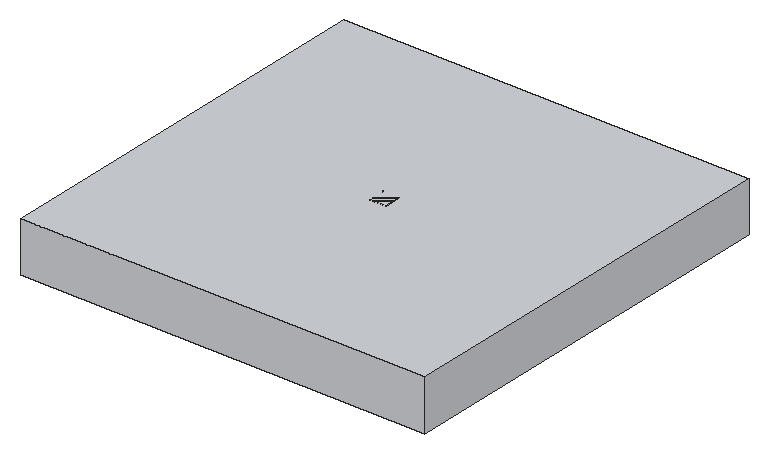
Revit family "Dreno de piso sifonado - Quadrado", category Peças hidrossanitárias, Revit 2019
Family settings
  Hospedeiro = Face
  Cota do conector redondo = Usar raio
  Tipo de parte = Normal
  Corte com vazios quando carregada = Não
  Compartilhado = Não
  Ponto de cálculo do ambiente = Não
Parameters (values of type "100 mm Filtro - 40 mm Dreno")
  WFU = 1.2
  Tamanho da marca de revisão = 35.00 mm
  Raio do filtro = Comprimento do filtro / 2  # 50 mm
  Comprimento do filtro = 100.00 mm
  Material do filtro = none
  Tamanho do tubo = 25 mm
  Raio do sanitário = 20 mm
  Diâmetro do sanitário = Raio do sanitário * 2  # 40 mm
  HWFU = 0
  Comprimento do dreno = 95.00 mm
  Altura do dreno = 65.00 mm
  Material da drenagem = none
  Default Elevation = 0.00 mm
  CWFU = 0
Reference planes
  plane 1 "Centro (Frente/Trás)": y = 0
  plane 2: z = 0
  plane 3 "Centro (Esquerda/Direita)": x = 0
  plane 4: z = -2.35
  plane 5: z = -67.35
  plane 6: x = -47.5
  plane 7: x = 47.5
  plane 8: x = -50
  plane 9: x = 50
  plane 10: y = 47.65
  plane 11: y = -47.5
  plane 12: y = -50
  plane 13: y = 47.5
  plane 14: y = 50
  plane 15: z = -43.825
Forms (mm)
  Extrusion 1, solid
    sketch origin (0, 0, 0) x (1, 0, 0) y (0, 1, 0)
      loop
        line (-1219.2, 1219.2) -> (-1219.2, -1219.2) -> (1219.2, -1219.2) -> (1219.2, 1219.2) -> (-1219.2, 1219.2)
    from 0 to -304.8
  Extrusion 2, solid, material <- "Material da drenagem", detail levels fine
    sketch origin (0, 0, -28.475) x (1, 0, 0) y (0, 1, 0)
      loop
        line (-47.5, 47.65) -> (-47.5, -47.65) -> (47.5, -47.65) -> (47.5, 47.65) -> (-47.5, 47.65)
    from -38.874 to 26.126
  Extrusion 3, solid, material <- "Material do filtro", detail levels fine
    sketch origin (0, 0, -28.475) x (1, 0, 0) y (0, 1, 0)
      loop
        line (-50, 50) -> (-50, -50) -> (50, -50) -> (50, 50) -> (-50, 50)
    from 26.126 to 28.475
  Sweep 4, solid, material <- "Material da drenagem", detail levels fine
    path origin (72.5, 0, -43.825) x (-1, 0, 0) y (0, 0, -1)
      loop
        line (0, 0) -> (25, 0)
    profile origin (60, 0, -43.825) x (0, 0, -1) y (0, -1, 0)
      loop
        circle (0, 0) r 20
Lines and regions (mm)
  reference lines
    curve 1: line (72.5, 0, -43.825) -> (47.5, 0, -43.825)
  model lines, detail levels coarse+medium
    curve 2: circle (0, 0, -43.825) r 50 normal (0, 0, -1)
    curve 3: line (50, 0, -43.825) -> (72.5, 0, -43.825)
    curve 4: line (72.5, 0, -43.825) -> (72.5, -35, -43.825)
    curve 5: line (72.5, 0, -43.825) -> (72.5, 35, -43.825)
Dimensions and locks
  equal spacing: plane 7, plane 3 "Centro (Esquerda/Direita)", plane 6
  equal spacing: plane 13, plane 1 "Centro (Frente/Trás)", plane 11
  "Comprimento do dreno": plane 7 to plane 6
  "Comprimento do filtro": plane 14 to plane 12
  "Comprimento do filtro": plane 9 to plane 8
  "Comprimento do dreno": plane 13 to plane 11
  "Tamanho do tubo": plane 7 to curve 1
  locked: Extrusion 1 to plane 4 at 2.35
  "Altura do dreno": plane 4 to plane 5
  locked: plane 15 to plane 5 at 23.524
  "Raio do sanitário": radius of Sweep 4 sketch curve
  aligned and locked: plane 2 to Extrusion 1
  aligned and locked: level to Extrusion 1
  aligned and locked: curve 1 to Sweep 4 sketch curve
  aligned and locked: Extrusion 2 to plane 5
  aligned and locked: Extrusion 2 to Extrusion 3
  aligned and locked: Extrusion 3 to plane 4
  aligned and locked: level to Extrusion 3
Automatic sketch dimensions
  Extrusion 1 sketch curve to Extrusion 1 sketch curve = 2438.40 mm  (x2)
  Extrusion 2 sketch curve to plane 6 = 0.00 mm
  Extrusion 2 sketch curve to plane 7 = 0.00 mm
  plane 1 "Centro (Frente/Trás)" to Extrusion 2 sketch curve = 47.65 mm
  Extrusion 2 sketch curve to plane 1 "Centro (Frente/Trás)" = 47.65 mm
  Extrusion 3 sketch curve to plane 8 = 0.00 mm
  Extrusion 3 sketch curve to plane 9 = 0.00 mm
  plane 1 "Centro (Frente/Trás)" to Extrusion 3 sketch curve = 50.00 mm
  Extrusion 3 sketch curve to plane 1 "Centro (Frente/Trás)" = 50.00 mm
  plane 7 to curve 1 = 0.00 mm
  Sweep 4 sketch curve to curve 1 = 0.00 mm  (x2)
  Sweep 4 sketch curve to profile plane = 0.00 mm  (x2)
  plane 5 to curve 1 = 23.524 mm
  plane 1 "Centro (Frente/Trás)" to curve 3 = 0.00 mm
  plane 1 "Centro (Frente/Trás)" to curve 2 = 0.00 mm
  curve 2 to plane 3 "Centro (Esquerda/Direita)" = 0.00 mm
  curve 3 to plane 9 = 0.00 mm
  plane 13 to curve 5 = 12.50 mm
  plane 11 to curve 4 = 12.50 mm
  curve 3 to curve 4 = 22.50 mm
Connectors
  piping at (72.5, 0, -43.825), diameter 40, driven by "Raio do sanitário", driven by "WFU"
    settings: on Sweep 4, index 1, connector inside diameter 40 mm, connector length 0.00 mm, flow factor 0, pipe flow 0 GPM, pressure drop 0.00 psi, fitting loss kfactor 0, connector angle 0.00°, fixture units 1.2, engagement length 0.00 mm, angle of deflection 0.00°, flow configuration 3, flow direction 2, fitting loss method 0, system type 16, joint type 0, gender type 0, connector reference index -1, connector utility 0, adjustable connector no, is connector primary yes, connector description ""
